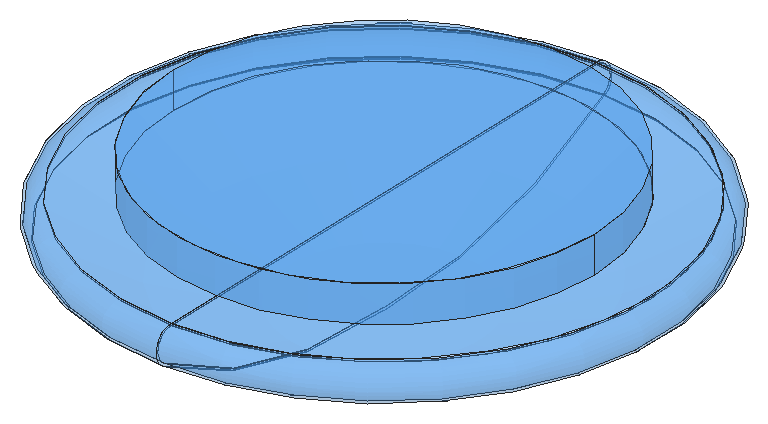
Revit family "Iluminação montada na superfície - Meio círculo", category Luminárias, Revit 2019
Family settings
  Hospedeiro = Forro
  Cota do conector redondo = Utilizar diâmetro
  Tipo de parte = Normal
  Número OmniClass = 23.80.70.11
  Título OmniClass = Luminaries for Internal Lighting
  Sempre na vertical = Sim
  Corte com vazios quando carregada = Não
  Fonte luminosa = Sim
  Compartilhado = Não
  Ponto de cálculo do ambiente = Não
Parameters
  Wattage = 200 W
  built-in parameter 1150110 = 1 (stored number, unit not read)
  built-in parameter 1114217 = 1 (stored number, unit not read)
  built-in parameter 1150109 = 1 (stored number, unit not read)
  built-in parameter 1150134 = (empty or 0)
  built-in parameter 1150113 = 1 (stored number, unit not read)
  Material de sombra = Vidro - Fosco
  Lumens = 16000 lm
  built-in parameter 1150115 = 1 (stored number, unit not read)
  built-in parameter 1150105 = 1273.2 (stored number, unit not read)
  Material da luminária = Vidro - Fosco
  Light Source Symbol Size = 350.00 mm
  built-in parameter 1150137 = (empty or 0)
  built-in parameter 1150139 = (empty or 0)
  built-in parameter 1150112 = 1 (stored number, unit not read)
  built-in parameter 1150114 = 1 (stored number, unit not read)
  built-in parameter 1150132 = (empty or 0)
  built-in parameter 1150102 = (empty or 0)
  built-in parameter 1150138 = (empty or 0)
  built-in parameter 1150107 = 3000 (stored number, unit not read)
  built-in parameter 1150106 = 12.732 (stored number, unit not read)
  Emit from Circle Diameter = 350.00 mm
  Emit Shape Visible in Rendering = no
  built-in parameter 1150104 = 7.4322 (stored number, unit not read)
  Dimming Lamp Color Temperature Shift = (empty or 0)
  Color Filter = 16777215
  built-in parameter 1114218 = 1 (stored number, unit not read)
  built-in parameter 1150133 = 10 (stored number, unit not read)
Reference planes
  plane 1 "Eixo de origem da luz (F/T)": y = 0
  plane 2 "Forro": z = 2438.4
  plane 3 "Eixo de origem da luz (E/D)": x = 0
  plane 4 "Elevação da origem da luz": z = 2368.4
  plane 5: x = -270
  plane 6: x = 270
  plane 7: z = 2303.4
  plane 8: z = 2403.4
  plane 9: y = 270
  plane 10: y = -270
Forms (mm)
  Revolve 1, solid, material "Vidro - Fosco" <- "Material de sombra"
    sketch origin (0, 0, 0) x (0, 1, 0) y (0, 0, 1)
      loop
        line (0, 2403.4) -> (-252.825, 2403.4)
        arc (-252.825, 2403.4) -> (-269.789, 2390.565) -> (-262.05, 2370.751) r 17.627
        arc (-262.05, 2370.751) -> (-136.1, 2317.33) -> (0, 2303.4) r 459.034
        line (0, 2303.4) -> (0, 2305.402)
        arc (0, 2305.402) -> (-135.556, 2319.255) -> (-261.003, 2372.456) r 457.034
        arc (-261.003, 2372.456) -> (-267.864, 2390.022) -> (-252.825, 2401.4) r 15.627
        line (-252.825, 2401.4) -> (0, 2401.4) -> (0, 2403.4)
      axis (0, 2303.4) -> (0, 2403.4)
    angle from 0 to 360
  Extrusion 2, solid, material "Vidro - Fosco" <- "Material da luminária"
    sketch origin (0, 0, 2438.4) x (1, 0, 0) y (0, 1, 0)
      loop
        circle (0, 0) r 200
    from -35 to 0
Dimensions and locks
  equal spacing: host sketch curve, plane 3 "Eixo de origem da luz (E/D)", host sketch curve
  equal spacing: host sketch curve, plane 1 "Eixo de origem da luz (F/T)", host sketch curve
  host sketch curve to host sketch curve = 3048.00 mm  (x2)
  aligned and locked: plane 1 "Eixo de origem da luz (F/T)" to imposter light
  aligned and locked: Extrusion 2 to plane 8
  aligned and locked: plane 2 "Forro" to Extrusion 2
  aligned and locked: plane 7 to imposter light
  aligned and locked: plane 3 "Eixo de origem da luz (E/D)" to imposter light
